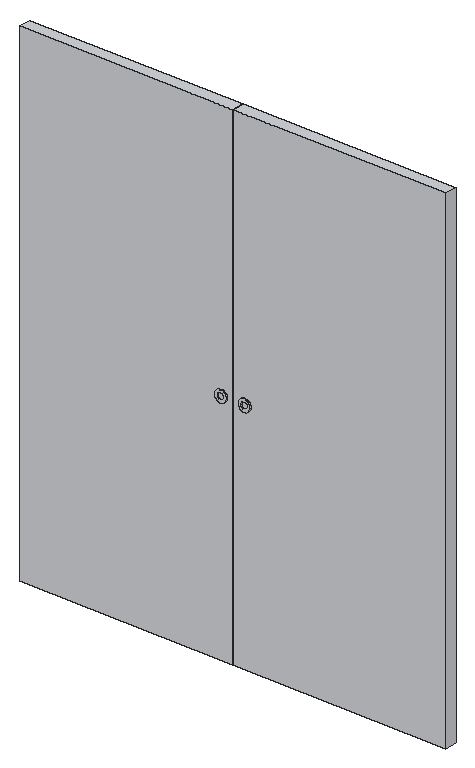
Revit family "DR_2SL_Sliding Door", category Doors, host Wall, Revit 2021
Family settings
  Host = Wall
  OmniClass Number = 23.30.10.00
  OmniClass Title = Doors
  Always vertical = Yes
  Cut with Voids When Loaded = No
  Shared = No
  Room Calculation Point = Yes
Parameters (values of type "900x2100")
  YN_Handle_Internal = yes
  YN_Handle_External = yes
  YN_FlushWall_Int = no
  YN_FlushWall_Ext = no
  Thickness = 0 mm  # constant formula
  TX_TypeCode = ""
  TX_Host [instance] = ""
  Rough Width = 0 mm  # constant formula
  Rough Height = 0 mm  # constant formula
  MA_Panel = none
  MA_Handle = none
  MA_Frame = none
  Function = Interior
  Height = 0 mm  # constant formula
  Wall Closure = By host
  Width = 0 mm  # constant formula
  Description = ""
  Define Thermal Properties by = Schematic Type
  DI_Width_Rough = DI_Width + (DI_Frame_Width * 2)  # 1800 mm
  DI_Width_Clear = DI_Width  # 1800 mm
  DI_Width = 1800 mm
  DI_Wall_Thickness [instance] = 200 mm
  DI_WallVoid_Thickness = DI_Panel_Thickness + 20 mm  # 70 mm
  DI_WallOpening_Interior [instance] = 0 mm
  DI_WallOpening_Exterior [instance] = 0 mm
  DI_VoidDepth_Below [instance] = 200 mm
  DI_Panel_Width = DI_Width / 2  # 900 mm
  DI_Panel_Thickness = 50 mm
  DI_Panel_OffsetY [instance] = 60 mm
  DI_Panel_OffsetYC [instance] = 300 mm + if(YN_FlushWall_Int, 0 mm, if(YN_FlushWall_Ext, (DI_Wall_Thickness - DI_Frame_Thickness), DI_Panel_OffsetY))  # 360 mm
  DI_Panel_Height = DI_Height  # 2100 mm
  DI_Opening_Projection_OffsetX = DI_Width / 2  # 900 mm
  DI_Opening_OffsetX = 0 mm
  DI_Height_Rough = DI_Height + DI_Frame_Width  # 2100 mm
  DI_Height_Clear = DI_Height  # 2100 mm
  DI_Height = 2100 mm
  DI_Handle_OffsetZ = 1000 mm
  DI_Handle_OffsetX = 50 mm
  DI_Frame_Width = 0 mm
  DI_Frame_Thickness = DI_Panel_Thickness  # 50 mm
  Analytic Construction = "<None>"
  DI_WallVoid_Width = (DI_Panel_Width) + 20 mm  # 920 mm
Types (2, lengths in mm): name | TX_TypeCode | Description | DI_Panel_OffsetY | DI_Panel_OffsetYC
  900x2100 | "" | "" | 60 | 360
  1800(900x900)x2100 | "1SL" | "Porta a due ante simmetriche scorrevoli." | 50 | 350
Reference planes
  plane 1 "Center": y = 0
  plane 2 "Center (Left/Right)": x = 0
  plane 3 "Left": x = -900
  plane 4 "Right": x = 900
  plane 5 "Top": z = 2100
  plane 6 "Back": y = 100
  plane 7 "Front": y = -100
  plane 8 "Left Panel": x = -900
  plane 9 "Frame": x = 900
  plane 10 "FrontPanel": y = -40
  plane 11 "BackPanel": y = 10
  plane 12 "Frame_Top": z = 2100
  plane 13 "MidllePanel": y = -15
  plane 14 "VoidDepth_Below": z = -200
  plane 15 "Posizione Cerniera Y": x = -900
  plane 16 "Opening Projection Ext": y = 100
  plane 17 "Opening Projection Int": y = -100
  plane 18 "Void Back": y = 20
  plane 19 "Void Front": y = -50
  plane 20 "Panel Opening Projection": x = -1800
  plane 21 "WallVoid_Left": x = -1820
  plane 22: x = 1800
  plane 23 "Wall Void Right": x = 1820
  plane 24 "Panel Opening": x = -900
  plane 25 "Posizione Cerniera DD": x = 900
  plane 26 "Origin offset": y = -400
Forms (mm)
  Extrusion 1, void
    sketch origin (0, 0, 0) x (1, 0, 0) y (0, 1, 0)
      loop
        line (-900, 100) -> (-900, -100) -> (900, -100) -> (900, 100) -> (-900, 100)
    from -200 to 2100
  Extrusion 2, void
    sketch origin (-450, 50, 0) x (0.34202, -0.939693, 0) y (0.939693, 0.34202, 0)
      loop
        line (-125.718, -433.122) -> (-440.377, -1297.639) -> (-374.598, -1321.581) -> (-59.94, -457.064) -> (-125.718, -433.122)
    from 0 to 2100 <- "DI_Panel_Height"
  Extrusion 3, void
    sketch origin (450, 50, 0) x (-0.34202, -0.939693, 0) y (0.939693, -0.34202, 0)
      loop
        line (-125.718, 433.122) -> (-59.94, 457.064) -> (-374.598, 1321.581) -> (-440.377, 1297.639) -> (-125.718, 433.122)
    from 0 to 2100 <- "DI_Panel_Height"
Lines and regions (mm)
  symbolic lines, style "DoorsOpeningProjection"
    curve 1: line (-900, 100, 0) -> (900, 100, 0)
    curve 2: line (-900, -100, 0) -> (900, -100, 0)
Text (mm)
  text "Exterior" at (-2295.016, 1099.543, 0), in view "Ref. Level"
  text "Exterior" at (0, 1615.38, 3698.081), in view "Left"
  text "Exterior" at (0, 1036.032, 3874.932), in view "Right"
  text "PAN. 1" at (-530.632, 416.273, 0), in view "Ref. Level"
  text "PAN. 2" at (479.368, 416.273, 0), in view "Ref. Level"
Dimensions and locks
  equal spacing: plane 8 "Left Panel", plane 2 "Center (Left/Right)", plane 9 "Frame"
  locked: plane 6 "Back" to host wall
  locked: plane 7 "Front" to host wall
  "DI_Frame_Width": plane 5 "Top" to plane 12 "Frame_Top"
  "DI_Panel_Thickness": plane 11 "BackPanel" to plane 10 "FrontPanel"
  "DI_Width": plane 8 "Left Panel" to plane 9 "Frame"
  "DI_Frame_Width": plane 9 "Frame" to plane 4 "Right"
  "DI_Frame_Width": plane 3 "Left" to plane 8 "Left Panel"
  "DI_Height": plane 12 "Frame_Top" to level
  "DI_Wall_Thickness": host wall to host wall
  "DI_VoidDepth_Below": plane 14 "VoidDepth_Below" to level
  "DI_WallOpening_Exterior": plane 6 "Back" to plane 16 "Opening Projection Ext"
  "DI_WallOpening_Interior": plane 17 "Opening Projection Int" to plane 7 "Front"
  equal spacing: plane 11 "BackPanel", plane 13 "MidllePanel", plane 10 "FrontPanel"
  "DI_WallVoid_Thickness": plane 18 "Void Back" to plane 19 "Void Front"
  equal spacing: plane 18 "Void Back", plane 13 "MidllePanel", plane 19 "Void Front"
  "DI_Opening_Projection_OffsetX": plane 20 "Panel Opening Projection" to plane 15 "Posizione Cerniera Y"
  "DI_WallVoid_Width": plane 21 "WallVoid_Left" to plane 15 "Posizione Cerniera Y"
  "DI_Opening_Projection_OffsetX": plane 9 "Frame" to plane 22
  "DI_WallVoid_Width": plane 9 "Frame" to plane 23 "Wall Void Right"
  "DI_Opening_OffsetX": plane 24 "Panel Opening" to plane 15 "Posizione Cerniera Y"
  "DI_Opening_OffsetX": plane 4 "Right" to plane 25 "Posizione Cerniera DD"
  "DI_Panel_OffsetYC": plane 10 "FrontPanel" to plane 26 "Origin offset"
  locked: plane 26 "Origin offset" to plane 7 "Front" at 300
  aligned and locked: host wall to plane 1 "Center"
  aligned and locked: Extrusion 1 sketch curve to plane 3 "Left"
  aligned and locked: plane 4 "Right" to Extrusion 1 sketch curve
  aligned and locked: Extrusion 1 to plane 5 "Top"
  aligned and locked: Extrusion 1 to plane 14 "VoidDepth_Below"
  aligned and locked: curve 1 to plane 16 "Opening Projection Ext"
  aligned and locked: curve 2 to plane 17 "Opening Projection Int"
  aligned and locked: plane 11 "BackPanel" to nested 1
  aligned and locked: Extrusion 1 sketch curve to plane 16 "Opening Projection Ext"
  aligned and locked: Extrusion 1 sketch curve to plane 17 "Opening Projection Int"
  aligned and locked: plane 18 "Void Back" to Extrusion 2 sketch curve
  aligned and locked: Extrusion 2 sketch curve to plane 19 "Void Front"
  aligned and locked: plane 10 "FrontPanel" to nested 2
  aligned and locked: Extrusion 2 sketch curve to plane 21 "WallVoid_Left"
  aligned and locked: Extrusion 2 sketch curve to plane 15 "Posizione Cerniera Y"
  aligned and locked: plane 15 "Posizione Cerniera Y" to plane 8 "Left Panel"
  aligned and locked: plane 20 "Panel Opening Projection" to nested 2
  aligned and locked: Extrusion 3 sketch curve to plane 18 "Void Back"
  aligned and locked: plane 23 "Wall Void Right" to Extrusion 3 sketch curve
  aligned and locked: Extrusion 3 sketch curve to plane 19 "Void Front"
  aligned and locked: Extrusion 3 sketch curve to plane 4 "Right"
  aligned and locked: plane 13 "MidllePanel" to nested 3
  aligned and locked: nested 1 to plane 24 "Panel Opening"
  aligned and locked: plane 24 "Panel Opening" to nested 6
  aligned and locked: plane 10 "FrontPanel" to nested 1
  aligned and locked: plane 10 "FrontPanel" to nested 4
  aligned and locked: nested 6 to plane 10 "FrontPanel"
  aligned and locked: plane 9 "Frame" to nested 5
  aligned and locked: nested 4 to plane 25 "Posizione Cerniera DD"
  aligned and locked: plane 25 "Posizione Cerniera DD" to nested 3
  aligned and locked: nested 5 to plane 10 "FrontPanel"
Automatic sketch dimensions
  curve 2 to plane 3 "Left" = 0 mm
  curve 1 to plane 3 "Left" = 0 mm
  curve 2 to plane 4 "Right" = 0 mm
  curve 1 to plane 4 "Right" = 0 mm
Nested families
  nested 1: "DR.PN_Sliding Panel" at (-450, -15, 0), DI_Panel_Height <- "DI_Panel_Height", DI_Panel_Thickness <- "DI_Panel_Thickness", DI_Panel_Width <- "DI_Panel_Width", MA_Panel <- "MA_Panel", type "Sliding"
    with Thickness 0 mm, MA_Panel none, DI_Panel_Width 900 mm, DI_Panel_Thickness 50 mm, DI_Panel_Height 2100 mm
  nested 2: "DR.PN_Sliding Panel" at (-1350, -15, 0), DI_Panel_Width <- "DI_Panel_Width", DI_Panel_Thickness <- "DI_Panel_Thickness", type "Sliding_Projection"
    with Thickness 0 mm, MA_Panel none, DI_Panel_Width 900 mm, DI_Panel_Thickness 50 mm, DI_Panel_Height 2100 mm
  nested 3: "DR.PN_Sliding Panel" at (450, -15, 0) x (-1, 0, 0) z (0, 0, 1), DI_Panel_Height <- "DI_Panel_Height", DI_Panel_Thickness <- "DI_Panel_Thickness", DI_Panel_Width <- "DI_Panel_Width", MA_Panel <- "MA_Panel", type "Sliding"
    with Thickness 0 mm, MA_Panel none, DI_Panel_Width 900 mm, DI_Panel_Thickness 50 mm, DI_Panel_Height 2100 mm
  nested 4: "DR.HA_Handle_FlushPull_Circular_HW" at (900, 30, 0) x (-1, 0, 0) z (0, 0, 1), DI_Panel_Height <- "DI_Panel_Height", DI_Panel_Thickness <- "DI_Panel_Thickness", MA_Handle <- "MA_Handle", DI_Handle_OffsetY <- "DI_Handle_OffsetZ", YN_Handle_External <- "YN_Handle_External", YN_Handle_Internal <- "YN_Handle_Internal", DI_Handle_OffsetX <- "DI_Handle_OffsetX", type "Cut"
    with YN_Opening_Pivot no, YN_Handle_Internal yes, YN_Handle_External yes, MA_Handle none, DI_PushBar_Width 800 mm, DI_Panel_Width 900 mm, DI_Panel_Thickness 50 mm, DI_Panel_Offset 0 mm, DI_Panel_Height 2100 mm, DI_Handle_OffsetY 1000 mm, DI_Handle_OffsetXC 50 mm, DI_Handle_OffsetX 50 mm
  nested 5: "DR.PN_Sliding Panel" at (1350, -15, 0) x (-1, 0, 0) z (0, 0, 1), DI_Panel_Width <- "DI_Panel_Width", DI_Panel_Thickness <- "DI_Panel_Thickness", type "Sliding_Projection"
    with Thickness 0 mm, MA_Panel none, DI_Panel_Width 900 mm, DI_Panel_Thickness 50 mm, DI_Panel_Height 2100 mm
  nested 6: "DR.HA_Handle_FlushPull_Circular_HW" at (-900, 30, 0), DI_Panel_Height <- "DI_Panel_Height", DI_Panel_Thickness <- "DI_Panel_Thickness", MA_Handle <- "MA_Handle", DI_Handle_OffsetY <- "DI_Handle_OffsetZ", YN_Handle_External <- "YN_Handle_External", YN_Handle_Internal <- "YN_Handle_Internal", DI_Handle_OffsetX <- "DI_Handle_OffsetX", type "Cut"
    with YN_Opening_Pivot no, YN_Handle_Internal yes, YN_Handle_External yes, MA_Handle none, DI_PushBar_Width 800 mm, DI_Panel_Width 900 mm, DI_Panel_Thickness 50 mm, DI_Panel_Offset 0 mm, DI_Panel_Height 2100 mm, DI_Handle_OffsetY 1000 mm, DI_Handle_OffsetXC 50 mm, DI_Handle_OffsetX 50 mm
Definition of nested family "DR.PN_Sliding Panel"
  Parameters (values of type "Sliding")
    YN_Panel_Projection = no
    YN_Panel = not(YN_Panel_Projection)  # yes
    YN_3D = not(YN_Panel_Projection)  # yes
    Width = 0 mm  # constant formula
    Thickness [instance] = 0 mm  # constant formula
    Rough Width = 0 mm  # constant formula
    Rough Height = 0 mm  # constant formula
    MA_Panel [instance] = none
    Height = 0 mm  # constant formula
    Define Thermal Properties by = 1
    Default Elevation = 0 mm  # constant formula
    DI_Panel_Width [instance] = 900 mm
    DI_Panel_Thickness [instance] = 50 mm
    DI_Panel_Height [instance] = 2100 mm
    Analytic Construction = "<None>"
  Types (2, lengths in mm): name | YN_Panel_Projection | YN_Panel | YN_3D | DI_Panel_Width | DI_Panel_Height
    Sliding | no | yes | yes | 900 | 2100
    Sliding_Projection | yes | no | no | 800 | 1800
  Reference planes
    plane 1 "Center (Front/Back)": y = 0
    plane 2: z = 0
    plane 3 "Center (Left/Right)": x = 0
    plane 4 "Left": x = -450
    plane 5 "Right": x = 450
    plane 6 "FrontPanel": y = -25
    plane 7 "Top": z = 2100
    plane 8: z = 1050
    plane 9 "BackPanel": y = 25
    plane 10 "Arrow1": z = 1107
    plane 11 "Arrow2": z = 993
    plane 12 "Summit Arrow": x = 300
  Forms (mm)
    Extrusion 1, solid, material <- "MA_Panel", visible <- "YN_3D"
      sketch origin (1340, 700, 0) x (1, 0, 0) y (0, 1, 0)
        loop
          line (-1790, -725) -> (-890, -725) -> (-890, -675) -> (-1790, -675) -> (-1790, -725)
      from 0 to 2100
  Lines and regions (mm)
    Masking region 1, visible <- "YN_Panel"
      outline origin (0, 0, 0) x (1, 0, 0) y (0, 1, 0)
        loop
          line (-450, -25) -> (450, -25) -> (450, 25) -> (-450, 25) -> (-450, -25)
    model lines
      curve 1: line (0, -25, 1050) -> (300, -25, 1050)
      curve 2: line (0, 25, 1050) -> (300, 25, 1050)
      curve 10: line (0, -25, 1050) -> (81.429, -25, 993)
      curve 11: line (0, -25, 1050) -> (81.429, -25, 1107)
      curve 12: line (0, 25, 1050) -> (81.429, 25, 993)
      curve 13: line (0, 25, 1050) -> (81.429, 25, 1107)
    symbolic lines, not visible
      curve 3: line (-450, 25, 0) -> (450, 25, 0)
    symbolic lines, not visible, detail levels medium+fine
      curve 4: line (-450, -25, 0) -> (450, -25, 0)
      curve 5: line (450, -25, 0) -> (450, 25, 0)
    symbolic lines
      curve 6: line (-450, 25, 0) -> (450, 25, 0)
      curve 7: line (-450, -25, 0) -> (-450, 25, 0)
      curve 8: line (450, -25, 0) -> (-450, -25, 0)
      curve 9: line (450, 25, 0) -> (450, -25, 0)
  Dimensions and locks
    "DI_Panel_Width": plane 4 "Left" to plane 5 "Right"
    equal spacing: plane 4 "Left", plane 3 "Center (Left/Right)", plane 5 "Right"
    "DI_Panel_Thickness": plane 6 "FrontPanel" to plane 9 "BackPanel"
    equal spacing: plane 7 "Top", plane 8, plane 2
    equal spacing: plane 6 "FrontPanel", plane 1 "Center (Front/Back)", plane 9 "BackPanel"
    locked: plane 10 "Arrow1" to plane 8 at 57
    locked: plane 8 to plane 11 "Arrow2" at 57
    plane 5 "Right" to plane 12 "Summit Arrow" = 150 mm
    "DI_Panel_Height": plane 7 "Top" to plane 2
    aligned and locked: level to plane 2
    aligned and locked: plane 4 "Left" to Extrusion 1
    aligned and locked: plane 9 "BackPanel" to Extrusion 1
    aligned and locked: plane 5 "Right" to Extrusion 1
    aligned and locked: Extrusion 1 to plane 6 "FrontPanel"
    aligned and locked: plane 7 "Top" to Extrusion 1
    aligned and locked: plane 9 "BackPanel" to Masking region 1 sketch curve
    aligned and locked: Masking region 1 sketch curve to plane 6 "FrontPanel"
    aligned and locked: curve 1 to plane 8
    aligned and locked: plane 3 "Center (Left/Right)" to curve 1
    aligned and locked: plane 3 "Center (Left/Right)" to curve 2
    aligned and locked: plane 8 to curve 2
    aligned and locked: plane 12 "Summit Arrow" to curve 1
    aligned and locked: Masking region 1 sketch curve to plane 4 "Left"
    aligned and locked: plane 5 "Right" to Masking region 1 sketch curve
    aligned and locked: curve 9 to plane 5 "Right"
    aligned and locked: curve 6 to plane 9 "BackPanel"
    aligned and locked: plane 6 "FrontPanel" to curve 8
    aligned and locked: curve 7 to plane 4 "Left"
    aligned and locked: plane 10 "Arrow1" to curve 11
    aligned and locked: plane 11 "Arrow2" to curve 10
    aligned and locked: curve 13 to plane 10 "Arrow1"
    aligned and locked: curve 12 to plane 11 "Arrow2"
  Automatic sketch dimensions
    curve 2 to curve 2 = 300 mm
    plane 3 "Center (Left/Right)" to curve 10 = 81.429 mm
    plane 3 "Center (Left/Right)" to curve 11 = 81.429 mm
    plane 3 "Center (Left/Right)" to curve 12 = 81.429 mm
    plane 3 "Center (Left/Right)" to curve 13 = 81.429 mm
    Extrusion 1 sketch curve to plane 4 "Left" = 0 mm
    Extrusion 1 sketch curve to plane 5 "Right" = 0 mm
    Extrusion 1 sketch curve to plane 6 "FrontPanel" = 0 mm
    Extrusion 1 sketch curve to plane 9 "BackPanel" = 0 mm
    curve 2 to plane 12 "Summit Arrow" = 0 mm
Definition of nested family "DR.HA_Handle_FlushPull_Circular_HW"
  Parameters (values of type "Cut")
    YN_PanicBar = no
    YN_Opening_Pivot [instance] = yes
    YN_Handle_Internal [instance] = yes
    YN_Handle_External [instance] = yes
    MA_Handle [instance] = none
    Handle = DR.HA_Handle_FlushPull_Circular : Cut
    Define Thermal Properties by = 1
    Default Elevation = 0 mm  # constant formula
    DI_PushBar_Width [instance] = DI_Panel_Width - 100 mm  # 800 mm
    DI_Panel_Width [instance] = 900 mm
    DI_Panel_Thickness [instance] = 40 mm
    DI_Panel_Offset [instance] = if(YN_Opening_Pivot, (DI_Panel_Thickness / 2), 0 mm)  # 20 mm
    DI_Panel_Height [instance] = 2148.093 mm
    DI_Handle_OffsetY [instance] = 1000 mm
    DI_Handle_OffsetXC [instance] = if(YN_PanicBar, DI_Panel_Width / 2, DI_Handle_OffsetX)  # 50 mm
    DI_Handle_OffsetX [instance] = 50 mm
    Analytic Construction = "<None>"
  Types (2, lengths in mm): name | Handle
    Projection | DR.HA_Handle_FlushPull_Circular : Projection
    Cut | DR.HA_Handle_FlushPull_Circular : Cut
  Reference planes
    plane 1 "Panel_Ext": y = 0
    plane 2: z = 0
    plane 3 "Center (Left/Right)": x = 0
    plane 4 "Panel_Int": y = -40
    plane 5: z = 1000
    plane 6: x = 900
    plane 7: x = 850
    plane 8: z = 2148.093
    plane 9 "Origin": y = -20
  Lines and regions (mm)
    symbolic lines, detail levels coarse
      curve 1: line (0, -40, 0) -> (0, 0, 0)
  Dimensions and locks
    "DI_Panel_Thickness": plane 4 "Panel_Int" to plane 1 "Panel_Ext"
    "DI_Handle_OffsetY": plane 2 to plane 5
    "DI_Panel_Width": plane 6 to plane 3 "Center (Left/Right)"
    "DI_Handle_OffsetXC": plane 6 to plane 7
    "DI_Panel_Height": plane 8 to level
    "DI_Panel_Offset": plane 9 "Origin" to plane 1 "Panel_Ext"
    aligned and locked: plane 2 to level
    aligned and locked: plane 7 to nested 2
    aligned and locked: nested 1 to plane 7
    aligned and locked: plane 4 "Panel_Int" to nested 1
    aligned and locked: plane 1 "Panel_Ext" to nested 2
  Automatic sketch dimensions
    plane 1 "Panel_Ext" to curve 1 = 0 mm
    curve 1 to plane 3 "Center (Left/Right)" = 0 mm
    plane 4 "Panel_Int" to curve 1 = 0 mm
  Nested families
    nested 1: "DR.HA_Handle_FlushPull_Circular" at (850, -40, 1000), built-in parameter 1001364 <- "DI_Handle_OffsetY", visible <- "YN_Handle_Internal", MA_Handle <- "MA_Handle", type <- "Handle", type "Cut"
      with MA_Handle none
    nested 2: "DR.HA_Handle_FlushPull_Circular" at (850, 0, 1000), built-in parameter 1001364 <- "DI_Handle_OffsetY", visible <- "YN_Handle_External", MA_Handle <- "MA_Handle", type <- "Handle", type "Cut"
      with MA_Handle none
  Definition of nested family "DR.HA_Handle_FlushPull_Circular"
    Parameters (values of type "Cut")
      YN_Graphics_Projection = no
      YN_Graphics_Cut = yes
      YN_3D = yes
      MA_Handle [instance] = none
      Define Thermal Properties by = 1
      Default Elevation = 0 mm  # constant formula
      Analytic Construction = "<None>"
    Types (2, lengths in mm): name | YN_Graphics_Projection | YN_Graphics_Cut | YN_3D
      Cut | no | yes | yes
      Projection | yes | no | no
    Reference planes
      plane 1 "Center (Front/Back)": y = 0
      plane 2: z = 0
      plane 3 "Center (Left/Right)": x = 0
    Forms (mm)
      Extrusion 1, solid, material <- "MA_Handle", visible <- "YN_3D"
        sketch origin (0, 0, 0) x (1, 0, 0) y (0, 0, 1)
          loop
            circle (0, 0) r 25
        from 0 to 3
      Extrusion 2, void
        sketch origin (0, 0, 0) x (1, 0, 0) y (0, 0, 1)
          loop
            circle (0, 0) r 14
        from 1 to 4
    Cuts and joins
      Extrusion 2 cuts Extrusion 1
    Lines and regions (mm)
      Masking region 1, visible <- "YN_Graphics_Cut"
        outline origin (0, 0, 0) x (1, 0, 0) y (0, 1, 0)
          loop
            line (-25, 0) -> (-25, -3) -> (25, -3) -> (25, 0) -> (-25, 0)
    Dimensions and locks
      aligned and locked: plane 2 to level
